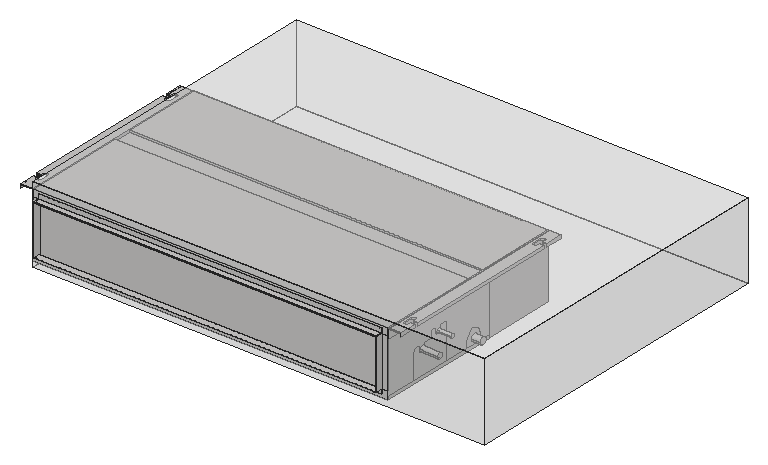
Revit family "outputfile", category 機械設備, Revit 2024
Family settings
  丸型コネクタ寸法 = 半径を使用
  パーツ タイプ = 標準
  OmniClass 番号 = 23.75.10.24.21.27.27
  OmniClass タイトル = Split System Air Conditioning Units
  作業面ベース = いいえ
  常に垂直 = はい
  ロード時にボイドで切り取り = いいえ
  注釈の向きを維持 = いいえ
  共有 = いいえ
  部屋計算ポイント = はい
Parameters (values of type "FDF13BV2S")
  Description = ""
  書き出し IFC クラス(タイプ) = "IfcUnitaryEquipmentType"
  定義済み IFC タイプ(タイプ) = "AIRCONDITIONINGUNIT"
  Cost = 0
  Type Comments = ""
  Keynote = ""
  Type Image = (empty or 0)
  Assembly Code = ""
  switch_frequency = yes
  ld_powersupply = Depth / 2  # 310.0 mm
  製造元 = "Daikin"
  モデル = "FDF13BV2S"
  r_Liquid Pipe Size = Liquid Pipe Size / 2  # 4.75 mm
  r_Gas Pipe Size = Gas Pipe Size / 2  # 7.95 mm
  r_Drain Pipe Size = Drain Pipe Size / 2  # 10.0 mm
  lw_powersupply = 50.0 mm  # constant formula
  lw_ductflange2 = 1020.0 mm
  lw_Width = 1060.0 mm
  lh_suctionflange [instance] = 100.0 mm  # constant formula
  ld_suctionflange [instance] = if(Rear Connection_Return Air, 190.0 mm, 100.0 mm)  # 190.0 mm
  connector_voltage = Voltage_50Hz  # 220 V
  connector_powerinput = [Power Input (Cooling)]  # 0.000 kW
  connector_phase = Phase_50Hz  # 1
  angle_vertical_RA [instance] = if(Rear Connection_Return Air, 90.00°, 0.00°)  # 90.00°
  angle horizontal_RA [instance] = if(Rear Connection_Return Air, 180.00°, 270.00°)  # 180.00°
  Voltage_comment_50Hz = "220 - 240"
  Voltage_50Hz = 220 V
  URL = ""
  Supply Air Direction [instance] = yes
  Sound Power Level_H speed (dB) = 0
  Rear Connection_Return Air [instance] = not(Bottom Connection_Return Air)  # yes
  RA_length [instance] = if(Rear Connection_Return Air, 190.0 mm, 100.0 mm)  # 190.0 mm
  Phase_50Hz = 1
  Minimum External Static Pressure = 0.00 Pa
  Minimum Circuit Amps_50Hz = 0.0 A
  Maximum Fuse Amps_50Hz = 0.0 A
  Maximum External Static Pressure = 40.00 Pa
  Material_Casing = DAIKIN_GalvanizedSteel_Casing_indoorunit
  lw_liquidpipe = 46.0 mm  # constant formula
  lw_gaspipe = 57.0 mm  # constant formula
  lw_mountinghole = 1140.0 mm
  lw_drainpipe = 30.0 mm  # constant formula
  lh_powersupply = 150.0 mm  # constant formula
  lh_liquidpipe = 90.0 mm  # constant formula
  lh_gaspipe = 113.0 mm  # constant formula
  lh_mountinghole = Height  # 200.0 mm
  lh_drainpipe = 170.0 mm  # constant formula
  lh_antena = 1.0 mm  # constant formula
  ld_liquidpipe = 193.0 mm  # constant formula
  ld_gaspipe = 130.0 mm  # constant formula
  ld_mountinghole = 500.0 mm  # constant formula
  ld_drainpipe = 330.0 mm  # constant formula
  ld_controlbox = 626.0 mm  # constant formula
  h*** = 0.0 mm  # constant formula
  d_dischargeflange = 21.2 mm  # constant formula
  Width = 1100.0 mm
  Version = "ver.1.0"
  Unit Type = "L.S.P. Duct"
  Unit Mass Weight = 30.00 kg
  Unit Designation [instance] = ""
  Uniclass2015Version = "Products v1.30"
  Uniclass2015Title = "Split coil room air conditioning units"
  Uniclass2015Code = "Pr_70_65_03_86"
  Total Cooling Capacity [instance] = 0.000 kW
  Sound Pressure Level_M speed (dBA) = 0
  Sound Pressure Level_L speed (dBA) = 34
  Sound Pressure Level_H speed (dBA) = 38
  Series = "SkyAir_Fan Coil Unit"
  Sensible Cooling Capacity [instance] = 0.000 kW
  SA Duct Size Width = 1060.0 mm
  SA Duct Size Height = 153.0 mm
  Refrigerant Type = "R32"
  RA Duct Size Width = 980.0 mm
  RA Duct Size Height = 160.0 mm
  Power Input (Cooling) = 0.000 kW
  Option Accessory 3 [instance] = ""
  Option Accessory 2 [instance] = ""
  Option Accessory 1 [instance] = ""
  Nominal Cooling Capacity = 3.800 kW
  Minimum Airflow = 810.00 m³/h
  Median Airflow = 0.00 m³/h
  Maximum Airflow = 960.00 m³/h
  Load Classification = HVAC
  Liquid Pipe Size = 9.5 mm
  Link_Nested Family [instance] = ""
  IfcVersion = ""
  IfcExportType = "AIRCONDITIONINGUNIT"
  IfcExportAs = "IfcUnitaryEquipmentType"
  Height = 200.0 mm
  Heat Exchanger Type = "Cross Fin Coil"
  Gas Pipe Size = 15.9 mm
  Frequency_50Hz = 50 Hz
  Fan Type = "Sirocco Fan"
  Fan Drive = "Direct Drive"
  FCU Tag No. [instance] = ""
  Drain Pipe Size = 20.0 mm
  Design Supply Airflow [instance] = 0.00 m³/h
  Design Return Airflow [instance] = 0.00 m³/h
  Design External Static Pressure [instance] = 0.00 Pa
  Depth = 620.0 mm
  既定の高さ = 0.0 mm
  Cooling Entering Wet Bulb Temperature [instance] = 0.00 °C
  Cooling Entering Dry Bulb Temperature [instance] = 0.00 °C
  Cooling Ambient Wet Bulb Temperature [instance] = 0.00 °C
  Cooling Ambient Dry Bulb Temperature [instance] = 0.00 °C
  Clearance visibility [instance] = yes
  Clearance Top = 20.0 mm
  Clearance Right = 300.0 mm
  Clearance Rear = 400.0 mm
  Clearance Left = 0.0 mm
  Clearance Front = 0.0 mm
  Clearance Bottom = 20.0 mm
  Bottom Connection_Return Air [instance] = no
Reference planes
  plane 1 "Center (Front/Back)": y = 0
  plane 2: z = 0
  plane 3 "Center (Left/Right)": x = 0
  plane 4 "Back": y = 310
  plane 5 "Front": y = -310
  plane 6 "Left": x = -550
  plane 7 "Right": x = 550
  plane 8 "Top": z = 0
  plane 9 "Bottom": z = -200
  plane 10: x = -570
  plane 11: x = 570
  plane 12: y = 250
  plane 13: z = 0
  plane 14 "Clearance Left": x = -550
  plane 15 "Clearance Right": x = 850
  plane 16 "Clearance Rear": y = 710
  plane 17 "Clearance Front": y = -310
  plane 18 "Clearance Top": z = 20
  plane 19 "Clearance Bottom": z = -220
  plane 20: y = -250
  plane 21: z = -21
  plane 22: z = -97.5
  plane 23: x = -40
  plane 24: y = 120
  plane 25: z = -100
  plane 26: y = -180
  plane 27: z = -113
  plane 28: y = -117
  plane 29: z = -90
  plane 30: y = 20
  plane 31: z = -170
  plane 32: x = 607
  plane 33: x = 596
  plane 34: x = 580
  plane 35: x = 500
  plane 36: z = -150
Forms (mm)
  Extrusion 1, solid, material "DAIKIN_GalvanizedSteel_Casing_indoorunit" <- "Material_Casing"
    sketch origin (0, 0, 0) x (1, 0, 0) y (0, 1, 0)
      loop
        line (-550, -310) -> (550, -310) -> (550, 310) -> (-550, 310) -> (-550, -310)
    from -200 to 0
  Extrusion 2, void
    sketch origin (0, 0, 1) x (1, 0, 0) y (0, 1, 0)
      loop
        line (-550, 61.5) -> (-550, 3.5) -> (550, 3.5) -> (550, 61.5) -> (-550, 61.5)
    from -1 to -7
  Extrusion 3, solid, material "DAIKIN_GalvanizedSteel_Casing_indoorunit" <- "Material_Casing", visible <- "Bottom Connection_Return Air"
    sketch origin (0, 0, 0) x (1, 0, 0) y (0, 0, 1)
      loop
        line (469, -200) -> (469, -1) -> (-549, -1) -> (-549, -200) -> (469, -200)
    from -310 to -309
  Extrusion 4, solid, material "DAIKIN_GalvanizedSteel_Casing_indoorunit" <- "Material_Casing", visible <- "Rear Connection_Return Air"
    sketch origin (0, 0, 0) x (1, 0, 0) y (0, 1, 0)
      loop
        line (-549, 310) -> (-549, 111) -> (469, 111) -> (469, 310) -> (-549, 310)
    from -200 to -199
  Extrusion 5, solid, material "DAIKIN_GalvanizedSteel_Casing_indoorunit" <- "Material_Casing"
    sketch origin (550, 0, 0) x (0, 1, 0) y (0, 0, 1)
      loop
        circle (-180, -113) r 7.95
    from 0 to 57
  Extrusion 6, solid, material "DAIKIN_GalvanizedSteel_Casing_indoorunit" <- "Material_Casing"
    sketch origin (550, 0, 0) x (0, 1, 0) y (0, 0, 1)
      loop
        circle (-117, -90) r 4.75
    from 0 to 46
  Extrusion 7, solid, material "DAIKIN_GalvanizedSteel_Casing_indoorunit" <- "Material_Casing"
    sketch origin (550, 0, 0) x (0, 1, 0) y (0, 0, 1)
      loop
        circle (20, -170) r 10
    from 0 to 30
  Extrusion 8, solid, material "DAIKIN_GalvanizedSteel_Casing_indoorunit" <- "Material_Casing"
    sketch origin (550, 0, 0) x (0, 1, 0) y (0, 0, 1)
      loop
        line (-310, -200) -> (78.6, -200) -> (78.6, -193)
        arc (78.6, -193) -> (77.721, -190.879) -> (75.6, -190) r 3
        line (75.6, -190) -> (-310, -190) -> (-310, -200)
    from 0 to -1
  Extrusion 9, solid, material "DAIKIN_GalvanizedSteel_Casing_indoorunit" <- "Material_Casing"
    sketch origin (550, 0, 0) x (0, 1, 0) y (0, 0, 1)
      loop
        line (-210, -190) -> (-85.6, -190) -> (-85.6, -83)
        arc (-85.6, -83) -> (-86.479, -80.879) -> (-88.6, -80) r 3
        line (-88.6, -80) -> (-102, -80)
        arc (-102, -80) -> (-104.121, -80.879) -> (-105, -83) r 3
        line (-105, -83) -> (-105, -90)
        arc (-105, -90) -> (-117, -102) -> (-129, -90) r 12
        line (-129, -90) -> (-129, -83)
        arc (-129, -83) -> (-129.879, -80.879) -> (-132, -80) r 3
        line (-132, -80) -> (-136.1, -80)
        arc (-136.1, -80) -> (-138.221, -80.879) -> (-139.1, -83) r 3
        line (-139.1, -83) -> (-139.1, -102.7) -> (-165, -102.7)
        arc (-165, -102.7) -> (-167.121, -103.579) -> (-168, -105.7) r 3
        line (-168, -105.7) -> (-168, -113)
        arc (-168, -113) -> (-180, -125) -> (-192, -113) r 12
        line (-192, -113) -> (-192, -105.7)
        arc (-192, -105.7) -> (-192.879, -103.579) -> (-195, -102.7) r 3
        line (-195, -102.7) -> (-207, -102.7)
        arc (-207, -102.7) -> (-209.121, -103.579) -> (-210, -105.7) r 3
        line (-210, -105.7) -> (-210, -190)
    from 0 to -1
  Extrusion 10, solid, material "DAIKIN_GalvanizedSteel_Casing_indoorunit" <- "Material_Casing"
    sketch origin (550, 0, 0) x (0, 1, 0) y (0, 0, 1)
      loop
        arc (44.5, -170) -> (20, -145.5) -> (-4.5, -170) r 24.5
        line (-4.5, -170) -> (-4.5, -190) -> (44.5, -190) -> (44.5, -170)
    from 0 to -1
  Extrusion 11, solid, material "DAIKIN_GalvanizedSteel_Casing_indoorunit" <- "Material_Casing"
    sketch origin (550, 0, 0) x (0, 1, 0) y (0, 0, 1)
      loop
        arc (86.6, -22) -> (84.479, -22.879) -> (83.6, -25) r 3
        line (83.6, -25) -> (83.6, -194.5)
        arc (83.6, -194.5) -> (84.479, -196.621) -> (86.6, -197.5) r 3
        line (86.6, -197.5) -> (307, -197.5)
        arc (307, -197.5) -> (309.121, -196.621) -> (310, -194.5) r 3
        line (310, -194.5) -> (310, -25)
        arc (310, -25) -> (309.121, -22.879) -> (307, -22) r 3
        line (307, -22) -> (86.6, -22)
    from 0 to -1
Cuts and joins
  Extrusion 2 cuts Extrusion 1
Dimensions and locks
  "Height": plane 8 "Top" to plane 9 "Bottom"
  equal spacing: plane 10, plane 3 "Center (Left/Right)", plane 11
  "lw_mountinghole": plane 10 to plane 11
  equal spacing: plane 6 "Left", plane 3 "Center (Left/Right)", plane 7 "Right"
  "Width": plane 6 "Left" to plane 7 "Right"
  "Clearance Right": plane 7 "Right" to plane 15 "Clearance Right"
  "Clearance Left": plane 14 "Clearance Left" to plane 6 "Left"
  "Clearance Rear": plane 16 "Clearance Rear" to plane 4 "Back"
  "Clearance Front": plane 5 "Front" to plane 17 "Clearance Front"
  "Clearance Top": plane 18 "Clearance Top" to plane 8 "Top"
  "Clearance Bottom": plane 9 "Bottom" to plane 19 "Clearance Bottom"
  "Depth": plane 4 "Back" to plane 5 "Front"
  equal spacing: plane 4 "Back", plane 1 "Center (Front/Back)", plane 5 "Front"
  Extrusion 3 sketch curve to Extrusion 3 sketch curve = 199.0 mm
  locked: plane 20 to plane 5 "Front" at 60
  "ld_mountinghole": plane 12 to plane 20
  locked: plane 8 "Top" to plane 21 at 21
  locked: plane 23 to plane 3 "Center (Left/Right)" at 40
  "ld_suctionflange": plane 4 "Back" to plane 24
  "lh_suctionflange": plane 8 "Top" to plane 25
  "ld_gaspipe": plane 26 to plane 5 "Front"
  "lh_gaspipe": plane 8 "Top" to plane 27
  "ld_liquidpipe": plane 28 to plane 5 "Front"
  "lh_liquidpipe": plane 8 "Top" to plane 29
  "ld_drainpipe": plane 30 to plane 5 "Front"
  "lh_drainpipe": plane 8 "Top" to plane 31
  "lw_gaspipe": plane 7 "Right" to plane 32
  "lw_liquidpipe": plane 7 "Right" to plane 33
  "lw_drainpipe": plane 7 "Right" to plane 34
  "lw_powersupply": plane 35 to plane 7 "Right"
  "lh_powersupply": plane 8 "Top" to plane 36
  "r_Gas Pipe Size": radius of Extrusion 5 sketch curve
  "r_Liquid Pipe Size": radius of Extrusion 6 sketch curve
  "r_Drain Pipe Size": radius of Extrusion 7 sketch curve
  aligned and locked: level to plane 2
  aligned and locked: Extrusion 1 to plane 9 "Bottom"
  aligned and locked: plane 8 "Top" to Extrusion 1
  aligned and locked: plane 11 to nested 2
  aligned and locked: plane 10 to nested 3
  aligned and locked: plane 10 to nested 4
  aligned and locked: plane 8 "Top" to Extrusion 2
  aligned and locked: plane 9 "Bottom" to Extrusion 4  (x2)
  aligned and locked: plane 7 "Right" to cut or joined group of Extrusion 1, Extrusion 2  (x2)
  aligned and locked: plane 3 "Center (Left/Right)" to nested 9
  aligned and locked: plane 6 "Left" to nested 7
  aligned and locked: plane 8 "Top" to nested 9
  aligned and locked: plane 11 to nested 1
  aligned and locked: nested 6 to plane 1 "Center (Front/Back)"
  aligned and locked: plane 3 "Center (Left/Right)" to nested 6
  aligned and locked: level to plane 8 "Top"
  aligned and locked: plane 1 "Center (Front/Back)" to nested 9
  aligned and locked: plane 5 "Front" to nested 10
  aligned and locked: Extrusion 1 sketch curve to plane 5 "Front"
  aligned and locked: plane 21 to nested 10
  aligned and locked: nested 5 to plane 5 "Front"
  aligned and locked: plane 3 "Center (Left/Right)" to nested 5
  aligned and locked: plane 22 to nested 5
  aligned and locked: Extrusion 2 sketch curve to plane 6 "Left"
  aligned and locked: plane 7 "Right" to Extrusion 2 sketch curve
  aligned and locked: nested 11 to plane 23
  aligned and locked: nested 11 to plane 24
  aligned and locked: plane 27 to Extrusion 5 sketch curve
  aligned and locked: plane 26 to Extrusion 5 sketch curve
  aligned and locked: plane 28 to Extrusion 6 sketch curve
  aligned and locked: plane 29 to Extrusion 6 sketch curve
  aligned and locked: plane 31 to Extrusion 7 sketch curve
  aligned and locked: plane 30 to Extrusion 7 sketch curve
  aligned and locked: plane 26 to nested 12
  aligned and locked: nested 12 to plane 27
  aligned and locked: plane 32 to Extrusion 5
  aligned and locked: plane 32 to nested 12
  aligned and locked: plane 33 to Extrusion 6
  aligned and locked: plane 28 to nested 13
  aligned and locked: nested 13 to plane 29
  aligned and locked: plane 33 to nested 13
  aligned and locked: plane 34 to Extrusion 7
  aligned and locked: plane 30 to nested 14
  aligned and locked: nested 14 to plane 31
  aligned and locked: plane 34 to nested 14
  aligned and locked: Extrusion 8 sketch curve to plane 9 "Bottom"
  aligned and locked: Extrusion 8 sketch curve to plane 5 "Front"
  aligned and locked: plane 14 "Clearance Left" to nested 15
  aligned and locked: plane 15 "Clearance Right" to nested 15
  aligned and locked: plane 16 "Clearance Rear" to nested 15
  aligned and locked: nested 15 to plane 17 "Clearance Front"
  aligned and locked: nested 15 to plane 18 "Clearance Top"
  aligned and locked: nested 15 to plane 19 "Clearance Bottom"
  aligned and locked: nested 16 to plane 35
  aligned and locked: nested 16 to plane 36
  aligned and locked: plane 4 "Back" to nested 16
Automatic sketch dimensions
  Extrusion 1 sketch curve to plane 4 "Back" = 0.0 mm
  Extrusion 1 sketch curve to plane 6 "Left" = 0.0 mm
  Extrusion 1 sketch curve to plane 7 "Right" = 0.0 mm
  Extrusion 4 sketch curve to plane 4 "Back" = 0.0 mm
  plane 6 "Left" to Extrusion 3 sketch curve = 1.0 mm
  plane 6 "Left" to Extrusion 4 sketch curve = 1.0 mm
  Extrusion 4 sketch curve to plane 1 "Center (Front/Back)" = 111.0 mm
  Extrusion 3 sketch curve to plane 9 "Bottom" = 0.0 mm
  Extrusion 3 sketch curve to plane 7 "Right" = 81.0 mm
  Extrusion 4 sketch curve to plane 7 "Right" = 81.0 mm
  Extrusion 2 sketch curve to plane 1 "Center (Front/Back)" = 3.5 mm
  Extrusion 2 sketch curve to Extrusion 2 sketch curve = 58.0 mm
  plane 9 "Bottom" to Extrusion 8 sketch curve = 7.0 mm
  Extrusion 8 sketch curve to plane 24 = 44.4 mm
  Extrusion 8 sketch curve to Extrusion 8 sketch curve = 3.0 mm
  Extrusion 9 sketch curve to plane 27 = 0.0 mm
  Extrusion 9 sketch curve to plane 26 = 0.0 mm
  Extrusion 9 sketch curve to plane 29 = 0.0 mm
  Extrusion 9 sketch curve to plane 28 = 0.0 mm
  Extrusion 9 sketch curve to plane 26 = 12.0 mm
  Extrusion 9 sketch curve to plane 25 = 2.7 mm  (x2)
  Extrusion 9 sketch curve to Extrusion 9 sketch curve = 3.0 mm  (x6)
  Extrusion 9 sketch curve to Extrusion 9 sketch curve = 12.0 mm
  plane 9 "Bottom" to Extrusion 9 sketch curve = 10.0 mm
  Extrusion 9 sketch curve to plane 26 = 30.0 mm
  Extrusion 9 sketch curve to plane 28 = 22.1 mm
  Extrusion 9 sketch curve to Extrusion 9 sketch curve = 4.1 mm
  plane 29 to Extrusion 9 sketch curve = 7.0 mm  (x2)
  Extrusion 9 sketch curve to Extrusion 9 sketch curve = 13.4 mm
  Extrusion 10 sketch curve to plane 30 = 0.0 mm
  Extrusion 10 sketch curve to plane 31 = 0.0 mm
  plane 1 "Center (Front/Back)" to Extrusion 10 sketch curve = 4.5 mm
  plane 9 "Bottom" to Extrusion 10 sketch curve = 10.0 mm
  Extrusion 11 sketch curve to plane 4 "Back" = 0.0 mm
  Extrusion 11 sketch curve to Extrusion 11 sketch curve = 3.0 mm  (x3)
  Extrusion 11 sketch curve to plane 21 = 1.0 mm
  Extrusion 11 sketch curve to plane 21 = 4.0 mm
  Extrusion 11 sketch curve to plane 24 = 33.4 mm
  plane 9 "Bottom" to Extrusion 11 sketch curve = 5.5 mm
Nested families
  nested 1: "daikin_mountinghole" at (570, 250, -200), l_antenna <- "lh_antena", Link_Nested Family <- "Link_Nested Family", h_mountinghole <- "lh_mountinghole", type "daikin_mountinghole"
    with show yes, l_antenna 1.0 mm, h_mountinghole 200.0 mm, Link_Nested Family ""
  nested 2: "daikin_mountinghole" at (570, -250, -200), Link_Nested Family <- "Link_Nested Family", l_antenna <- "lh_antena", h_mountinghole <- "lh_mountinghole", type "daikin_mountinghole"
    with show yes, l_antenna 1.0 mm, h_mountinghole 200.0 mm, Link_Nested Family ""
  nested 3: "daikin_mountinghole" at (-570, -250, -200), l_antenna <- "lh_antena", Link_Nested Family <- "Link_Nested Family", h_mountinghole <- "lh_mountinghole", type "daikin_mountinghole"
    with show yes, l_antenna 1.0 mm, h_mountinghole 200.0 mm, Link_Nested Family ""
  nested 4: "daikin_mountinghole" at (-570, 250, -200), l_antenna <- "lh_antena", Link_Nested Family <- "Link_Nested Family", h_mountinghole <- "lh_mountinghole", type "daikin_mountinghole"
    with show yes, l_antenna 1.0 mm, h_mountinghole 200.0 mm, Link_Nested Family ""
  nested 5: "daikin_connector_rotate2" at (0, -310, -97.5), length <- "d_dischargeflange", type "daikin_connector_rotate2"
    with radius 10.0 mm, length 21.2 mm, angle_vertical 90.00°, show_face no
  nested 6: "daikin_△_symbolicline" at (-75, -129.904, 200) x (-0.5, 0.866, 0) z (0, 0, 1), built-in parameter 1001364 <- "Height", visible <- "Supply Air Direction", type "daikin_△_symbolicline"
    with length 300.0 mm
  nested 7: "daikin_ductflange_FDF-BV2S_1" at (-40, 310, -100), visible <- "Rear Connection_Return Air", material <- "Material_Casing", width <- "lw_ductflange2", type "daikin_ductflange_FDF-BV2S_1"
    with width 1020.0 mm, material DAIKIN_GalvanizedSteel_Casing_indoorunit, height 180.0 mm, depth 21.2 mm
  nested 8: "daikin_ductflange_FDF-BV2S_1" at (-40, 210, -200) x (1, 0, 0) z (0, 1, 0), visible <- "Bottom Connection_Return Air", material <- "Material_Casing", width <- "lw_ductflange2", type "daikin_ductflange_FDF-BV2S_1"
    with width 1020.0 mm, material DAIKIN_GalvanizedSteel_Casing_indoorunit, height 180.0 mm, depth 21.2 mm
  nested 9: "daikin_hangerfixture_FDF-BV2S" at (0, 0, 0), type "daikin_hangerfixture_FDF-BV2S"
    with width 1100.0 mm
  nested 10: "daikin_ductflange_FDF-BV2S" at (0, 3.5, -364.201), width <- "lw_Width", material <- "Material_Casing", type "daikin_ductflange_FDF-BV2S"
    with width 1060.0 mm, material DAIKIN_GalvanizedSteel_Casing_indoorunit, height 155.0 mm, depth 21.2 mm
  nested 11: "daikin_connector_rotate3" at (-40, 120, -100), length <- "RA_length", angle_vertical <- "angle_vertical_RA", angle_horizontal <- "angle horizontal_RA", type "daikin_connector_rotate3"
    with show no, radius 10.0 mm, length 190.0 mm, angle_vertical 90.00°, angle_horizontal 180.00°
  nested 12: "daikin_connector_rotate2" at (550, -180, -113) x (0, 1, 0) z (0, 0, 1), length <- "lw_gaspipe", radius <- "r_Gas Pipe Size", type "daikin_connector_rotate2"
    with radius 7.95 mm, length 57.0 mm, angle_vertical 90.00°, show_face no
  nested 13: "daikin_connector_rotate2" at (550, -117, -90) x (0, 1, 0) z (0, 0, 1), radius <- "r_Liquid Pipe Size", length <- "lw_liquidpipe", type "daikin_connector_rotate2"
    with radius 4.75 mm, length 46.0 mm, angle_vertical 90.00°, show_face no
  nested 14: "daikin_connector_rotate2" at (550, 20, -170) x (0, 1, 0) z (0, 0, 1), radius <- "r_Drain Pipe Size", length <- "lw_drainpipe", type "daikin_connector_rotate2"
    with radius 10.0 mm, length 30.0 mm, angle_vertical 90.00°, show_face no
  nested 15: "daikin_clearancespace" at (150, 200, -99.881), visible <- "Clearance visibility", Link_Nested Family <- "Link_Nested Family", show <- "Clearance visibility", type "daikin_clearancespace"
    with width 1400.0 mm, show yes, height 240.0 mm, depth 1020.0 mm, Link_Nested Family ""
  nested 16: "daikin_connector_rotate2" at (500, 0, -150) x (-1, 0, 0) z (0, 0, 1), length <- "ld_powersupply", type "daikin_connector_rotate2"
    with radius 10.0 mm, length 310.0 mm, angle_vertical 90.00°, show_face no
Connectors
  hvac at (0, -331.2, -97.5), driven by "SA Duct Size Height", driven by "SA Duct Size Width"
    settings: on nested 5, index 1, duct flow 0.00 m³/h, flow factor 0, pres drop 0.00 Pa, loss coef 0, conn angle 0.00°, conn width 1060.0 mm, conn height 153.0 mm, conn diameter 609.6 mm, duct sys type 1, conn prof type 1, flow config 0, flow direction 2, loss method 4, conn ref index -1, conn util no, is conn primary yes, conn desc "SA Duct"
  hvac at (-40, 310, -100), driven by "RA Duct Size Height", driven by "RA Duct Size Width"
    settings: on nested 11, index 2, duct flow 0.00 m³/h, flow factor 0, pres drop 0.00 Pa, loss coef 0, conn angle 0.00°, conn width 980.0 mm, conn height 160.0 mm, conn diameter 609.6 mm, duct sys type 2, conn prof type 1, flow config 0, flow direction 1, loss method 4, conn ref index -1, conn util no, is conn primary no, conn desc "RA Duct"
  piping at (607, -180, -113), diameter 15.9, driven by "r_Gas Pipe Size"
    settings: on nested 12, index 3, connector inside diameter 609.6 mm, connector length 0.0 mm, flow factor 0, pipe flow 0.00 m³/h, pressure drop 0.0 Pa, fitting loss kfactor 0, connector angle 0.00°, fixture units 0, engagement length 0.0 mm, angle of deflection 0.00°, flow configuration 1, flow direction 2, fitting loss method 0, system type 29, joint type 0, gender type 0, connector reference index -1, connector utility 0, adjustable connector no, is connector primary yes, connector description "Refrigerant Gas Piping"
  piping at (596, -117, -90), diameter 9.5, driven by "r_Liquid Pipe Size"
    settings: on nested 13, index 4, connector inside diameter 609.6 mm, connector length 0.0 mm, flow factor 0, pipe flow 0.00 m³/h, pressure drop 0.0 Pa, fitting loss kfactor 0, connector angle 0.00°, fixture units 0, engagement length 0.0 mm, angle of deflection 0.00°, flow configuration 1, flow direction 1, fitting loss method 0, system type 29, joint type 0, gender type 0, connector reference index -1, connector utility 0, adjustable connector no, is connector primary no, connector description "Refrigerant Liquid Piping"
  piping at (580, 20, -170), diameter 20, driven by "r_Drain Pipe Size"
    settings: on nested 14, index 5, connector inside diameter 609.6 mm, connector length 0.0 mm, flow factor 0, pipe flow 0.00 m³/h, pressure drop 0.0 Pa, fitting loss kfactor 0, connector angle 0.00°, fixture units 0, engagement length 0.0 mm, angle of deflection 0.00°, flow configuration 1, flow direction 2, fitting loss method 4, system type 16, joint type 0, gender type 0, connector reference index -1, connector utility 0, adjustable connector no, is connector primary no, connector description "Condensate Drain Piping"
  electrical at (500, 310, -150), driven by "Load Classification", driven by "connector_powerinput", driven by "connector_phase", driven by "connector_voltage"
    settings: on nested 16, index 6, voltage 220 V, apparent load 0 VA, apparent load phase1 0 VA, apparent load phase2 0 VA, apparent load phase3 0 VA, power factor 1, load classification "HVAC", number of poles 1, system type 30, power factor state 1, is connector primary yes, connector utility no, sub classification motor no, connector description "Power Supply"
Definition of nested family "daikin_ductflange_FDF-BV2S_1"
  Parameters (values of type "daikin_ductflange_FDF-BV2S_1")
    width [instance] = 620.0 mm
    material [instance] = none
    height [instance] = 180.0 mm
    depth [instance] = 21.2 mm
    Default Elevation = 0.0 mm
  Reference planes
    plane 1 "Center (Front/Back)": y = 0
    plane 2: z = 0
    plane 3 "Center (Left/Right)": x = 0
    plane 4: x = -310
    plane 5: x = 310
    plane 6: z = 90
    plane 7: z = -90
    plane 8: z = 100
    plane 9: z = -100
    plane 10: x = -309
    plane 11: x = 309
  Forms (mm)
    Extrusion 1, solid, material <- "material"
      sketch origin (0, 0, 0) x (1, 0, 0) y (0, 0, 1)
        loop
          line (-290, 80) -> (-290, -80) -> (290, -80) -> (290, 80) -> (-290, 80)
        loop
          line (-309, -99) -> (309, -99) -> (309, 99) -> (-309, 99) -> (-309, -99)
      from 0 to 1
  Dimensions and locks
    equal spacing: plane 5, plane 3 "Center (Left/Right)", plane 4, locked at 310 each
    "width": plane 5 to plane 4
    equal spacing: plane 6, level, plane 7, locked at 90 each
    "height": plane 6 to plane 7
    equal spacing: plane 8, level, plane 9, locked at 100 each
    locked: plane 8 to plane 9 at 200
    plane 10 to plane 4 = 1.0 mm
    locked: plane 5 to plane 11 at 1
    locked: Extrusion 1 sketch curve to Extrusion 1 sketch curve at 19  (x4)
    plane 8 to Extrusion 1 sketch curve = 1.0 mm
    locked: Extrusion 1 sketch curve to plane 9 at 1
    aligned and locked: level to plane 2
  Automatic sketch dimensions
    plane 4 to Extrusion 1 sketch curve = 1.0 mm
    Extrusion 1 sketch curve to plane 5 = 1.0 mm
Definition of nested family "daikin_hangerfixture_FDF-BV2S"
  Parameters (values of type "daikin_hangerfixture_CDKS-EAVMA")
    width = 700.0 mm
    material = none
    height = 30.0 mm
    depth = 618.0 mm
    Default Elevation = 0.0 mm
  Reference planes
    plane 1 "Center (Front/Back)": y = 0
    plane 2: z = 0
    plane 3 "Center (Left/Right)": x = 0
    plane 4: x = 350
    plane 5: y = 309
    plane 6: y = -309
    plane 7: x = -350
    plane 8: z = -30
  Forms (mm)
    Extrusion 1, solid, material <- "material"
      sketch origin (0, 0, 0) x (1, 0, 0) y (0, 0, 1)
        loop
          line (350, 0) -> (350, -30) -> (352.3, -30) -> (352.3, -2.3) -> (387.7, -2.3) -> (387.7, -10) -> (390, -10) -> (390, 0) -> (350, 0)
      from -309 to 309
    Extrusion 2, void
      sketch origin (0, 0, 0) x (0, 1, 0) y (0, 0, 1)
        loop
          line (309, -30) -> (309, -17.979) -> (87.935, -17.979) -> (75.914, -30) -> (309, -30)
      from 0 to 450
    Extrusion 3, void
      sketch origin (0, 0, 0) x (1, 0, 0) y (0, 1, 0)
        loop
          line (390, -243.5) -> (377, -243.5) -> (377, -237)
          arc (377, -237) -> (370, -230) -> (363, -237) r 7
          line (363, -237) -> (363, -263)
          arc (363, -263) -> (370, -270) -> (377, -263) r 7
          line (377, -263) -> (377, -256.5) -> (390, -256.5) -> (390, -243.5)
        loop
          line (390, 243.5) -> (390, 256.5) -> (377, 256.5) -> (377, 263)
          arc (377, 263) -> (370, 270) -> (363, 263) r 7
          line (363, 263) -> (363, 237)
          arc (363, 237) -> (370, 230) -> (377, 237) r 7
          line (377, 237) -> (377, 243.5) -> (390, 243.5)
      from -254.96 to 618
    Extrusion 4, solid, material <- "material"
      sketch origin (0, 0, 0) x (-1, 0, 0) y (0, 0, -1)
        loop
          line (350, 0) -> (390, 0) -> (390, 10) -> (387.7, 10) -> (387.7, 2.3) -> (352.3, 2.3) -> (352.3, 30) -> (350, 30) -> (350, 0)
      from -309 to 309
    Extrusion 5, void
      sketch origin (0, 0, 0) x (-1, 0, 0) y (0, -1, 0)
        loop
          line (390, 243.5) -> (390, 256.5) -> (377, 256.5) -> (377, 263)
          arc (377, 263) -> (370, 270) -> (363, 263) r 7
          line (363, 263) -> (363, 237)
          arc (363, 237) -> (370, 230) -> (377, 237) r 7
          line (377, 237) -> (377, 243.5) -> (390, 243.5)
        loop
          line (390, -243.5) -> (377, -243.5) -> (377, -237)
          arc (377, -237) -> (370, -230) -> (363, -237) r 7
          line (363, -237) -> (363, -263)
          arc (363, -263) -> (370, -270) -> (377, -263) r 7
          line (377, -263) -> (377, -256.5) -> (390, -256.5) -> (390, -243.5)
      from -254.96 to 618
  Cuts and joins
    Extrusion 2, Extrusion 3, Extrusion 5 cuts Extrusion 1
    Extrusion 5 cuts Extrusion 4
  Dimensions and locks
    equal spacing: plane 5, plane 1 "Center (Front/Back)", plane 6
    "depth": plane 5 to plane 6
    plane 6 to plane 1 "Center (Front/Back)" to plane 5 = 309.0 mm, 309.0 mm
    equal spacing: plane 4, plane 3 "Center (Left/Right)", plane 7
    "width": plane 4 to plane 7
    "height": level to plane 8
    aligned and locked: level to plane 2
    aligned and locked: plane 5 to Extrusion 1
    aligned and locked: Extrusion 1 to plane 6
    aligned and locked: Extrusion 1 to plane 4
    aligned and locked: plane 5 to cut or joined group of Extrusion 1, Extrusion 2, Extrusion 3, Extrusion 5
    aligned and locked: cut or joined group of Extrusion 1, Extrusion 2, Extrusion 3, Extrusion 5 to plane 6
    aligned and locked: level to cut or joined group of Extrusion 1, Extrusion 2, Extrusion 3, Extrusion 5
    aligned and locked: cut or joined group of Extrusion 1, Extrusion 2, Extrusion 3, Extrusion 5 to plane 8
    aligned and locked: plane 5 to cut or joined group of Extrusion 4, Extrusion 5
    aligned and locked: cut or joined group of Extrusion 4, Extrusion 5 to plane 6
  Automatic sketch dimensions
    Extrusion 1 sketch curve to plane 4 = 0.0 mm
    Extrusion 1 sketch curve to plane 8 = 0.0 mm
    Extrusion 1 sketch curve to level = 0.0 mm
    plane 4 to Extrusion 1 sketch curve = 2.3 mm
    Extrusion 1 sketch curve to level = 2.3 mm
    Extrusion 1 sketch curve to Extrusion 1 sketch curve = 35.4 mm
    Extrusion 1 sketch curve to Extrusion 1 sketch curve = 2.3 mm
    Extrusion 1 sketch curve to Extrusion 1 sketch curve = 7.7 mm
    Extrusion 2 sketch curve to plane 8 = 0.0 mm
    Extrusion 2 sketch curve to plane 5 = 0.0 mm
    plane 8 to Extrusion 2 sketch curve = 12.021 mm
    Extrusion 2 sketch curve to plane 1 "Center (Front/Back)" = 87.935 mm
    Extrusion 2 sketch curve to Extrusion 2 sketch curve = 12.021 mm
    plane 4 to Extrusion 3 sketch curve = 13.0 mm  (x2)
    Extrusion 3 sketch curve to Extrusion 3 sketch curve = 7.0 mm  (x4)
    Extrusion 3 sketch curve to Extrusion 3 sketch curve = 13.0 mm  (x4)
    plane 6 to Extrusion 3 sketch curve = 46.0 mm
    Extrusion 3 sketch curve to Extrusion 3 sketch curve = 6.5 mm  (x4)
    Extrusion 3 sketch curve to plane 5 = 72.0 mm
    Extrusion 4 sketch curve to plane 7 = 0.0 mm
    Extrusion 4 sketch curve to plane 8 = 0.0 mm
    Extrusion 4 sketch curve to level = 0.0 mm
    Extrusion 4 sketch curve to plane 7 = 2.3 mm
    Extrusion 4 sketch curve to level = 2.3 mm
    Extrusion 4 sketch curve to Extrusion 4 sketch curve = 35.4 mm
    Extrusion 4 sketch curve to Extrusion 4 sketch curve = 2.3 mm
    Extrusion 4 sketch curve to Extrusion 4 sketch curve = 7.7 mm
    Extrusion 5 sketch curve to plane 7 = 13.0 mm  (x2)
    Extrusion 5 sketch curve to Extrusion 5 sketch curve = 7.0 mm  (x4)
    Extrusion 5 sketch curve to Extrusion 5 sketch curve = 13.0 mm  (x4)
    Extrusion 5 sketch curve to plane 5 = 46.0 mm
    Extrusion 5 sketch curve to Extrusion 5 sketch curve = 6.5 mm  (x4)
    plane 6 to Extrusion 5 sketch curve = 72.0 mm
Definition of nested family "daikin_ductflange_FDF-BV2S"
  Parameters (values of type "daikin_ductflange_FXDQ-NDVET")
    width [instance] = 660.0 mm
    material [instance] = none
    height [instance] = 155.0 mm
    depth [instance] = 21.2 mm
    Default Elevation = 0.0 mm
  Reference planes
    plane 1 "Center (Front/Back)": y = 0
    plane 2: z = 189.201
    plane 3 "Center (Left/Right)": x = 0
    plane 4: y = -313.5
    plane 5: x = -330
    plane 6: x = 330
    plane 7: y = -334.7
    plane 8: z = 344.201
    plane 9: z = 266.701
    plane 10: z = 343.201
    plane 11: z = 190.201
  Forms (mm)
    Extrusion 1, solid, material <- "material"
      sketch origin (0, 0, 189.201) x (1, 0, 0) y (0, 1, 0)
        loop
          line (-330, -334.7) -> (-330, -313.5) -> (-350, -313.5) -> (-350, -314.5) -> (-331, -314.5) -> (-331, -334.7) -> (-330, -334.7)
        loop
          line (330, -334.7) -> (331, -334.7) -> (331, -314.5) -> (350, -314.5) -> (350, -313.5) -> (330, -313.5) -> (330, -334.7)
      from 1 to 154
    Extrusion 2, solid, material <- "material"
      sketch origin (0, 0, 0) x (0, 1, 0) y (0, 0, 1)
        loop
          line (-313.5, 343.201) -> (-313.5, 358.201) -> (-314.5, 358.201) -> (-314.5, 344.201) -> (-334.7, 344.201) -> (-334.7, 343.201) -> (-313.5, 343.201)
        loop
          line (-313.5, 190.201) -> (-334.7, 190.201) -> (-334.7, 189.201) -> (-314.5, 189.201) -> (-314.5, 175.201) -> (-313.5, 175.201) -> (-313.5, 190.201)
      from -330 to 330
  Dimensions and locks
    plane 4 to plane 1 "Center (Front/Back)" = 313.5 mm
    "depth": plane 7 to plane 4
    equal spacing: plane 8, plane 9, level
    "height": plane 8 to level
    equal spacing: plane 6, plane 3 "Center (Left/Right)", plane 5
    "width": plane 6 to plane 5
    locked: plane 8 to plane 10 at 1
    locked: plane 11 to level at 1
    locked: Extrusion 1 to Extrusion 2 sketch curve at 1
    locked: Extrusion 2 sketch curve to Extrusion 1 at 1
    plane 10 to plane 11 = 153.0 mm
    aligned and locked: level to plane 2
    aligned and locked: Extrusion 2 to plane 5
    aligned and locked: Extrusion 2 to plane 11
    aligned and locked: Extrusion 2 to plane 10
    aligned and locked: plane 6 to Extrusion 2
    aligned and locked: plane 5 to Extrusion 2  (x2)
    aligned and locked: plane 5 to Extrusion 1  (x2)
    aligned and locked: Extrusion 1 to plane 6
    aligned and locked: plane 6 to Extrusion 1
    aligned and locked: Extrusion 1 to plane 10
  Automatic sketch dimensions
    Extrusion 2 sketch curve to plane 7 = 0.0 mm  (x2)
    Extrusion 2 sketch curve to plane 4 = 0.0 mm  (x2)
    Extrusion 2 sketch curve to plane 11 = 0.0 mm
    Extrusion 2 sketch curve to plane 10 = 0.0 mm
    Extrusion 2 sketch curve to plane 4 = 1.0 mm  (x2)
    Extrusion 2 sketch curve to level = 14.0 mm
    plane 8 to Extrusion 2 sketch curve = 14.0 mm
    Extrusion 1 sketch curve to plane 4 = 0.0 mm  (x2)
    Extrusion 1 sketch curve to plane 7 = 0.0 mm  (x2)
    Extrusion 1 sketch curve to plane 5 = 0.0 mm
    Extrusion 1 sketch curve to plane 6 = 0.0 mm
    Extrusion 1 sketch curve to plane 5 = 1.0 mm
    Extrusion 1 sketch curve to Extrusion 1 sketch curve = 19.0 mm  (x2)
    Extrusion 1 sketch curve to Extrusion 1 sketch curve = 1.0 mm
    Extrusion 1 sketch curve to plane 4 = 1.0 mm  (x2)
Definition of nested family "daikin_clearancespace"
  Parameters (values of type "daikin_clearancespace")
    Description = "daikin_clearancespace"
    width [instance] = 1823.963 mm
    show [instance] = yes
    material = none
    height [instance] = 1359.762 mm
    depth [instance] = 880.0 mm
    Default Elevation = 0.0 mm
    Link_Nested Family [instance] = ""
  Reference planes
    plane 1 "Center (Front/Back)": y = 0
    plane 2 "Center (Elevation)": z = -0.119
    plane 3 "Center (Left/Right)": x = 0
    plane 4: y = 440
    plane 5: y = -440
    plane 6 "Right": x = 911.982
    plane 7 "Left": x = -911.982
    plane 8 "Top": z = 679.762
    plane 9 "Bottom": z = -680
  Forms (mm)
    Extrusion 1, solid, material <- "material", visible <- "show"
      sketch origin (0, 0, 0) x (1, 0, 0) y (0, 1, 0)
        loop
          line (-911.982, 440) -> (-911.982, -440) -> (911.982, -440) -> (911.982, 440) -> (-911.982, 440)
      from -680 to 679.762
  Lines and regions (mm)
    symbolic lines, visible <- "show"
      curve 1: line (911.982, 440, 0) -> (-911.982, 440, 0)
      curve 2: line (-911.982, 440, 0) -> (-911.982, -440, 0)
      curve 3: line (-911.982, -440, 0) -> (911.982, -440, 0)
      curve 4: line (911.982, -440, 0) -> (911.982, 440, 0)
      curve 5: line (911.982, 0, 679.762) -> (-911.982, 0, 679.762)
      curve 6: line (911.982, 0, -680) -> (911.982, 0, 679.762)
      curve 7: line (-911.982, 0, -680) -> (911.982, 0, -680)
      curve 8: line (-911.982, 0, 679.762) -> (-911.982, 0, -680)
      curve 9: line (0, 440, 679.762) -> (0, -440, 679.762)
      curve 10: line (0, -440, 679.762) -> (0, -440, -680)
      curve 11: line (0, 440, -680) -> (0, 440, 679.762)
      curve 12: line (0, -440, -680) -> (0, 440, -680)
  Dimensions and locks
    "width": plane 7 "Left" to plane 6 "Right"
    "depth": plane 4 to plane 5
    "height": plane 8 "Top" to plane 9 "Bottom"
    equal spacing: plane 7 "Left", plane 3 "Center (Left/Right)", plane 6 "Right"
    equal spacing: plane 4, plane 1 "Center (Front/Back)", plane 5
    equal spacing: plane 8 "Top", plane 2 "Center (Elevation)", plane 9 "Bottom"
    aligned and locked: level to plane 2 "Center (Elevation)"
    aligned and locked: Extrusion 1 sketch curve to plane 4
    aligned and locked: plane 7 "Left" to Extrusion 1 sketch curve
    aligned and locked: Extrusion 1 sketch curve to plane 5
    aligned and locked: Extrusion 1 sketch curve to plane 6 "Right"
    aligned and locked: plane 8 "Top" to Extrusion 1
    aligned and locked: curve 1 to Extrusion 1
    aligned and locked: curve 2 to Extrusion 1
    aligned and locked: curve 3 to Extrusion 1
    aligned and locked: curve 4 to Extrusion 1
    aligned and locked: curve 5 to Extrusion 1
    aligned and locked: curve 6 to Extrusion 1
    aligned and locked: curve 7 to Extrusion 1
    aligned and locked: curve 8 to Extrusion 1
    aligned and locked: curve 9 to Extrusion 1
    aligned and locked: curve 10 to Extrusion 1
    aligned and locked: curve 11 to Extrusion 1
    aligned and locked: curve 12 to Extrusion 1
    aligned and locked: Extrusion 1 to plane 9 "Bottom"
Definition of nested family "daikin_mountinghole"
  Parameters (values of type "daikin_mountinghole")
    Default Elevation = 1219.2 mm
    Type Comments = "mountinghole"
    show [instance] = yes
    material = none
    l_centerline = 100.0 mm
    l_antenna [instance] = 100.0 mm
    h_mountinghole [instance] = 0.0 mm
    d_circle = 30.0 mm
    Link_Nested Family [instance] = ""
  Reference planes
    plane 1 "Center (Front/Back)": y = 0
    plane 2: z = 0
    plane 3 "Center (Left/Right)": x = 0
    plane 4: y = 50
    plane 5: x = -50
    plane 6: x = 50
    plane 7: y = -50
    plane 8 "h_mountinghole": z = 0
    plane 9: z = 100
  Lines and regions (mm)
    model lines, detail levels fine
      curve 1: circle (0, 0, 0) r 15 normal (0, 0, 1)
      curve 2: line (-50, 0, 0) -> (50, 0, 0)
      curve 3: line (0, 50, 0) -> (0, -50, 0)
    symbolic lines, detail levels fine
      curve 4: circle (0, 0, 0) r 15 normal (0, 0, 1)
      curve 5: line (-50, 0, 0) -> (50, 0, 0)
      curve 6: line (0, 50, 0) -> (0, -50, 0)
    model lines
      curve 7: line (0, 0, 100) -> (0, 0, 0)
  Dimensions and locks
    equal spacing: plane 4, plane 1 "Center (Front/Back)", plane 7
    "l_centerline": plane 4 to plane 7
    equal spacing: plane 5, plane 3 "Center (Left/Right)", plane 6
    "l_centerline": plane 5 to plane 6
    "l_antenna": plane 9 to plane 8 "h_mountinghole"
    "h_mountinghole": plane 8 "h_mountinghole" to plane 2
    "d_circle": diameter of curve 1
    "d_circle": diameter of curve 4
    aligned and locked: level to plane 2
    aligned and locked: plane 1 "Center (Front/Back)" to curve 1
    aligned and locked: plane 3 "Center (Left/Right)" to curve 1
    aligned and locked: plane 1 "Center (Front/Back)" to curve 2
    aligned and locked: curve 3 to plane 3 "Center (Left/Right)"
    aligned and locked: plane 6 to curve 2
    aligned and locked: plane 5 to curve 2
    aligned and locked: plane 4 to curve 3
    aligned and locked: plane 7 to curve 3
    aligned and locked: plane 1 "Center (Front/Back)" to curve 4
    aligned and locked: plane 3 "Center (Left/Right)" to curve 4
    aligned and locked: plane 6 to curve 5
    aligned and locked: plane 5 to curve 5
    aligned and locked: plane 1 "Center (Front/Back)" to curve 5
    aligned and locked: plane 4 to curve 6
    aligned and locked: plane 7 to curve 6
    aligned and locked: curve 6 to plane 3 "Center (Left/Right)"
    aligned and locked: curve 7 to plane 3 "Center (Left/Right)"
    aligned and locked: plane 9 to curve 7
    aligned and locked: plane 8 "h_mountinghole" to curve 7
Definition of nested family "daikin_connector_rotate2"
  Parameters (values of type "daikin_connector_rotate2")
    show_face = yes
    radius [instance] = 10.0 mm
    length [instance] = 600.0 mm
    d_surface = 10.0 mm
    angle_vertical [instance] = 90.00°
    Default Elevation = 0.0 mm
  Reference planes
    plane 1 "Center (Front/Back)": y = 0
    plane 2: z = 0
    plane 3 "Center (Left/Right)": x = 0
  Forms (mm)
    Extrusion 1, solid, visible <- "show_face"
      sketch origin (0, -600, 0) x (1, 0, 0) y (0, 0, 1)
        loop
          circle (0, 0) r 10
      from 0 to -10
  Lines and regions (mm)
    reference lines
      curve 1: line (0, 0, 0) -> (0, -600, 0)
    symbolic lines
      curve 2: circle (0, 0, 0) r 5 normal (0, 0, 1)
    model lines, visible <- "show_face"
      curve 3: line (0, 0, 0) -> (0, -600, 0)
  Dimensions and locks
    "length": curve 1 to curve 1
    "length": curve 3 to curve 3
    "d_surface": Extrusion 1 to Extrusion 1
    "radius": radius of Extrusion 1 sketch curve
    "angle_vertical": angle curve 1 to plane 1 "Center (Front/Back)"
    "angle_vertical": angle curve 3 to plane 1 "Center (Front/Back)"
    aligned and locked: level to plane 2
    aligned and locked: plane 1 "Center (Front/Back)" to curve 1
    aligned and locked: plane 2 to curve 1
    aligned and locked: plane 1 "Center (Front/Back)" to curve 2
    aligned and locked: plane 3 "Center (Left/Right)" to curve 2
    aligned and locked: plane 1 "Center (Front/Back)" to curve 3
    aligned and locked: plane 2 to curve 3
    aligned and locked: Extrusion 1 to Extrusion 1
  Automatic sketch dimensions
    Extrusion 1 sketch curve to level = 0.0 mm
    Extrusion 1 sketch curve to plane 3 "Center (Left/Right)" = 0.0 mm
    radius of curve 2 = 5.0 mm
Definition of nested family "daikin_△_symbolicline"
  Parameters (values of type "daikin_△_symbolicline")
    length [instance] = 500.0 mm
    Default Elevation = 0.0 mm
  Reference planes
    plane 1 "Center (Front/Back)": y = 0
    plane 2: z = 0
    plane 3 "Center (Left/Right)": x = 0
  Lines and regions (mm)
    symbolic lines
      curve 1: line (0, -433.013, 0) -> (250, 0, 0)
      curve 2: line (250, 0, 0) -> (-250, 0, 0)
      curve 3: line (-250, 0, 0) -> (0, -433.013, 0)
  Dimensions and locks
    equal spacing: curve 3, plane 3 "Center (Left/Right)", curve 2
    "length": curve 3 to curve 2
    "length": curve 3 to curve 3
    "length": curve 1 to curve 1
    aligned and locked: level to plane 2
    aligned and locked: curve 2 to plane 1 "Center (Front/Back)"
    aligned and locked: plane 3 "Center (Left/Right)" to curve 3
Definition of nested family "daikin_connector_rotate3"
  Parameters (values of type "daikin_connector_rotate3")
    Default Elevation = 1219.2 mm
    show [instance] = yes
    radius [instance] = 10.0 mm
    length [instance] = 600.0 mm
    angle_horizontal [instance] = 60.00°
    angle_vertical [instance] = 90.00°
  Reference planes
    plane 1 "Center (Front/Back)": y = 0
    plane 2: z = 0
    plane 3 "Center (Left/Right)": x = 0
  Dimensions and locks
    "angle_horizontal": angle plane 3 "Center (Left/Right)" to nested 1
    aligned and locked: level to plane 2
    aligned and locked: plane 1 "Center (Front/Back)" to nested 1  (x2)
    aligned and locked: plane 3 "Center (Left/Right)" to nested 1
  Nested families
    nested 1: "daikin_connector_rotate2" at (0, 0, 0) x (0.5, 0.866, 0) z (0, 0, 1), angle_vertical <- "angle_vertical", length <- "length", radius <- "radius", type "daikin_connector_rotate2"
      with radius 10.0 mm, length 600.0 mm, angle_vertical 90.00°
  Definition of nested family "daikin_connector_rotate2"
    Parameters (values of type "daikin_connector_rotate2")
      show_face = yes
      radius [instance] = 10.0 mm
      length [instance] = 600.0 mm
      d_surface = 10.0 mm
      angle_vertical [instance] = 90.00°
      Default Elevation = 0.0 mm
    Reference planes
      plane 1 "Center (Front/Back)": y = 0
      plane 2: z = 0
      plane 3 "Center (Left/Right)": x = 0
    Forms (mm)
      Extrusion 1, solid, visible <- "show_face"
        sketch origin (0, -600, 0) x (1, 0, 0) y (0, 0, 1)
          loop
            circle (0, 0) r 10
        from 0 to -10
    Lines and regions (mm)
      reference lines
        curve 1: line (0, 0, 0) -> (0, -600, 0)
      symbolic lines
        curve 2: circle (0, 0, 0) r 5 normal (0, 0, 1)
      model lines, visible <- "show_face"
        curve 3: line (0, 0, 0) -> (0, -600, 0)
    Dimensions and locks
      "length": curve 1 to curve 1
      "length": curve 3 to curve 3
      "d_surface": Extrusion 1 to Extrusion 1
      "radius": radius of Extrusion 1 sketch curve
      "angle_vertical": angle curve 1 to plane 1 "Center (Front/Back)"
      "angle_vertical": angle curve 3 to plane 1 "Center (Front/Back)"
      aligned and locked: level to plane 2
      aligned and locked: plane 1 "Center (Front/Back)" to curve 1
      aligned and locked: plane 2 to curve 1
      aligned and locked: plane 1 "Center (Front/Back)" to curve 2
      aligned and locked: plane 3 "Center (Left/Right)" to curve 2
      aligned and locked: plane 1 "Center (Front/Back)" to curve 3
      aligned and locked: plane 2 to curve 3
      aligned and locked: Extrusion 1 to Extrusion 1
    Automatic sketch dimensions
      Extrusion 1 sketch curve to level = 0.0 mm
      Extrusion 1 sketch curve to plane 3 "Center (Left/Right)" = 0.0 mm
      radius of curve 2 = 5.0 mm
